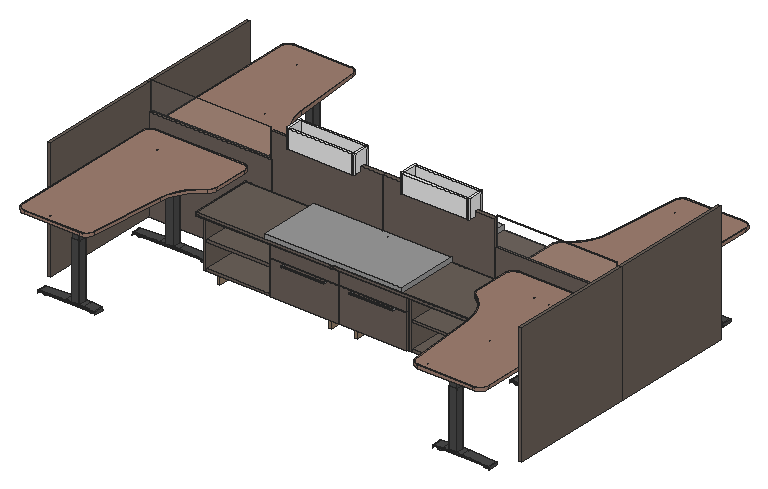
Revit family "OFS TYPICAL T200055", category Furniture, Revit 2022
Family settings
  OmniClass Number = 23.40.20.00
  OmniClass Title = General Furniture and Specialties
  Work Plane-Based = No
  Always vertical = Yes
  Cut with Voids When Loaded = No
  Render Appearance Source = Family Geometry
  Shared = No
  Room Calculation Point = No
Parameters (values of type "T200055")
  URL = "http://ofs.com/"
  Model = "T200055"
  Manufacturer = "OFS"
  Description = "OFS TYPICAL T200055"
  Default Elevation = 0' - 0"
  Copyright © = "©OFS 2024"
  Catalog = ""
  Authoring Version = "Autodesk Revit 2018"
  Assembly Code = "E2020200"
Reference planes (in)
  plane 1 "Center Front/Back": y = 0
  plane 2: z = 0
  plane 3 "Center Left/Right": x = 0
Dimensions and locks (in)
  aligned and locked: level to plane 2
Nested families (in)
  nested 1: "STAKS LOW OR BENCH HEIGHT CUSHIONS" at (-20.97711, -21.00035, 2.875), type "STAKS LOW OR BENCH HEIGHT CUSHION - DOUBLE 48"
  nested 2: "OFS STAKS HEIGHT ADJUSTABLE WING TOP Right" at (-66, -37, 0) x (0, 1, 0) z (0, 0, 1), type "HA Wing Top Right 70x36"
  nested 3: "STAKS BENCHING RECTANGULAR WORKSURFACES" at (-55.55498, 0.83365, -5.75), type "STAKS BENCHING RECTANGULAR WORKSURFACE 48 X 22"
  nested 4: "STAKS SPINE OR DIVIDER WALL 42in" at (-7.55498, 1.83365, 0.125), type "STAKS SPINE OR DIVIDER WALL 42in X 39in"
    with Height Above Floor 3' - 6"
  nested 5: "STAKS SPINE OR DIVIDER WALL 42in" at (-46.55498, 1.83365, 0.125), type "STAKS SPINE OR DIVIDER WALL 42in X 39in"
    with Height Above Floor 3' - 6"
  nested 6: "OFS STAKS Planters - 6-PB12 6-PB18 6-PB24" at (-20, -0.5, 0), type "Planter 24"
    with Finsih OFS Materials - Laminate - White Matte
  nested 7: "STAKS DOUBLE SIDED FROSTED GLASS PRIVACY PANEL" at (77, -3.24736, -13.125), type "STAKS DOUBLE SIDED FROSTED GLASS PRIVACY PANEL 42 x 10"
    with Width 3' - 6"
  nested 8: "STAKS LOW HEIGHT PEDESTAL WIDE - BOX-FILE - WITH RISER SUPPORT" at (-32.97711, -21.00035, 0), type "STAKS LOW HEIGHT PEDESTAL WIDE - BOX-FILE - WITH RISER SUPPORT 24in W x 19in D"
  nested 9: "STAKS LOW HEIGHT OPEN SHELF PEDESTAL - WITH RISER SUPPORT" at (-56.97711, -21.00035, 0), type "STAKS LOW HEIGHT OPEN SHELF PEDESTAL - WITH RISER SUPPORT 24 x 19"
  nested 10: "STAKS I-BEAM SUPPORTS" at (-44.97711, -22.50035, 0), type "STAKS I-BEAM SUPPORT 40"
  nested 11: "STAKS SPINE OR DIVIDER WALL 42in" at (80.16635, 7.05498, 0.125) x (0, -1, 0) z (0, 0, 1), type "STAKS SPINE OR DIVIDER WALL 42in X 43.5"
    with Height Above Floor 3' - 6", Width 3' - 7 1/2"
  nested 12: "STAKS DOUBLE SIDED FROSTED GLASS PRIVACY PANEL" at (-77, -3.24736, -13.125) x (-1, 0, 0) z (0, 0, 1), type "STAKS DOUBLE SIDED FROSTED GLASS PRIVACY PANEL 42 x 10"
    with Width 3' - 6"
  nested 13: "STAKS SPINE OR DIVIDER WALL 33in" at (89.55498, -2.83365, 0.125) x (-1, 0, 0) z (0, 0, 1), type "STAKS SPINE OR DIVIDER WALL 33in X 43"
    with Height Above Floor 2' - 9", Width 3' - 7"
  nested 14: "STAKS SPINE OR DIVIDER WALL 33in" at (-89.55498, -2.83365, 0.125), type "STAKS SPINE OR DIVIDER WALL 33in X 43"
    with Height Above Floor 2' - 9", Width 3' - 7"
  nested 15: "STAKS SPINE OR DIVIDER WALL 42in" at (-80.16635, 7.05498, 0.125) x (0, -1, 0) z (0, 0, 1), type "STAKS SPINE OR DIVIDER WALL 42in X 43.5"
    with Height Above Floor 3' - 6", Width 3' - 7 1/2"
  nested 16: "STAKS CORNER SHELF FOR WALL PANEL" at (-77.40381, -5.59619, -10.125) x (0.7071, 0.7071, 0) z (0, 0, 1), type "STAKS CORNER SHELF FOR WALL PANEL"
    with Height Above Floor 2' - 5"
  nested 17: "OFS STAKS HEIGHT ADJUSTABLE WING TOP Right" at (66, -37, 0) x (0, 1, 0) z (0, 0, 1), type "HA Wing Top Right 70x36"
  nested 18: "STAKS BENCHING RECTANGULAR WORKSURFACES" at (55.55498, 0.83365, -5.75) x (-1, 0, 0) z (0, 0, 1), type "STAKS BENCHING RECTANGULAR WORKSURFACE 48 X 22"
  nested 19: "OFS STAKS Planters - 6-PB12 6-PB18 6-PB24" at (20, -0.5, 0) x (-1, 0, 0) z (0, 0, 1), type "Planter 24"
    with Finsih OFS Materials - Laminate - White Matte
  nested 20: "STAKS LOW HEIGHT PEDESTAL WIDE - BOX-FILE - WITH RISER SUPPORT" at (32.97711, -21.00035, 0) x (-1, 0, 0) z (0, 0, 1), type "STAKS LOW HEIGHT PEDESTAL WIDE - BOX-FILE - WITH RISER SUPPORT 24in W x 19in D"
  nested 21: "STAKS LOW HEIGHT OPEN SHELF PEDESTAL - WITH RISER SUPPORT" at (56.97711, -21.00035, 0) x (-1, 0, 0) z (0, 0, 1), type "STAKS LOW HEIGHT OPEN SHELF PEDESTAL - WITH RISER SUPPORT 24 x 19"
  nested 22: "STAKS CORNER SHELF FOR WALL PANEL" at (77.40381, -5.59619, -10.125) x (-0.7071, 0.7071, 0) z (0, 0, 1), type "STAKS CORNER SHELF FOR WALL PANEL"
    with Height Above Floor 2' - 5"
  nested 23: "STAKS I-BEAM SUPPORTS" at (44.97711, -22.50035, 0) x (-1, 0, 0) z (0, 0, 1), type "STAKS I-BEAM SUPPORT 40"
  nested 24: "STAKS LOW OR BENCH HEIGHT CUSHIONS" at (-20.97711, 20.00035, 2.875), type "STAKS LOW OR BENCH HEIGHT CUSHION - DOUBLE 48"
  nested 25: "OFS STAKS HEIGHT ADJUSTABLE WING TOP Right" at (-66, 36, 0) x (0, -1, 0) z (0, 0, 1), type "HA Wing Top Right 70x36"
  nested 26: "STAKS BENCHING RECTANGULAR WORKSURFACES" at (-55.55498, -1.83365, -5.75), type "STAKS BENCHING RECTANGULAR WORKSURFACE 48 X 22"
  nested 27: "STAKS LOW HEIGHT PEDESTAL WIDE - BOX-FILE - WITH RISER SUPPORT" at (-32.97711, 20.00035, 0), type "STAKS LOW HEIGHT PEDESTAL WIDE - BOX-FILE - WITH RISER SUPPORT 24in W x 19in D"
  nested 28: "STAKS LOW HEIGHT OPEN SHELF PEDESTAL - WITH RISER SUPPORT" at (-56.97711, 20.00035, 0), type "STAKS LOW HEIGHT OPEN SHELF PEDESTAL - WITH RISER SUPPORT 24 x 19"
  nested 29: "STAKS I-BEAM SUPPORTS" at (-44.97711, 21.50035, 0), type "STAKS I-BEAM SUPPORT 40"
  nested 30: "STAKS SPINE OR DIVIDER WALL 42in" at (80.16635, -8.05498, 0.125) x (0, 1, 0) z (0, 0, 1), type "STAKS SPINE OR DIVIDER WALL 42in X 43.5"
    with Height Above Floor 3' - 6", Width 3' - 7 1/2"
  nested 31: "STAKS SPINE OR DIVIDER WALL 42in" at (-80.16635, -8.05498, 0.125) x (0, 1, 0) z (0, 0, 1), type "STAKS SPINE OR DIVIDER WALL 42in X 43.5"
    with Height Above Floor 3' - 6", Width 3' - 7 1/2"
  nested 32: "STAKS CORNER SHELF FOR WALL PANEL" at (-77.40381, 4.59619, -10.125) x (0.7071, -0.7071, 0) z (0, 0, 1), type "STAKS CORNER SHELF FOR WALL PANEL"
    with Height Above Floor 2' - 5"
  nested 33: "OFS STAKS HEIGHT ADJUSTABLE WING TOP Right" at (66, 36, 0) x (0, -1, 0) z (0, 0, 1), type "HA Wing Top Right 70x36"
  nested 34: "STAKS BENCHING RECTANGULAR WORKSURFACES" at (55.55498, -1.83365, -5.75) x (-1, 0, 0) z (0, 0, 1), type "STAKS BENCHING RECTANGULAR WORKSURFACE 48 X 22"
  nested 35: "STAKS LOW HEIGHT PEDESTAL WIDE - BOX-FILE - WITH RISER SUPPORT" at (32.97711, 20.00035, 0) x (-1, 0, 0) z (0, 0, 1), type "STAKS LOW HEIGHT PEDESTAL WIDE - BOX-FILE - WITH RISER SUPPORT 24in W x 19in D"
  nested 36: "STAKS LOW HEIGHT OPEN SHELF PEDESTAL - WITH RISER SUPPORT" at (56.97711, 20.00035, 0) x (-1, 0, 0) z (0, 0, 1), type "STAKS LOW HEIGHT OPEN SHELF PEDESTAL - WITH RISER SUPPORT 24 x 19"
  nested 37: "STAKS CORNER SHELF FOR WALL PANEL" at (77.40381, 4.59619, -10.125) x (-0.7071, -0.7071, 0) z (0, 0, 1), type "STAKS CORNER SHELF FOR WALL PANEL"
    with Height Above Floor 2' - 5"
  nested 38: "STAKS I-BEAM SUPPORTS" at (44.97711, 21.50035, 0) x (-1, 0, 0) z (0, 0, 1), type "STAKS I-BEAM SUPPORT 40"
Definition of nested family "STAKS LOW OR BENCH HEIGHT CUSHIONS"
  Parameters (values of type "STAKS LOW OR BENCH HEIGHT CUSHION - DOUBLE 48")
    URL = "http://www.ofs.com/"
    Default Elevation = 0' - 0"
    Cushion Thickness = 0' - 1 1/2"
    Cushion Material = none
    Model = "6-4822SC"
    Manufacturer = "OFS"
    Height = 1' - 8 1/4"
    Description = "OFS STAKS LOW OR BENCH HEIGHT CUSHION - DOUBLE 48"
    Width = 4' - 0"
    Depth = 1' - 9 7/8"
    Copyright © = "© 2018 OFS"
    Catalog = "https://ofs.com/products/casegoods/private-office/staks"
    Authoring Version = "Autodesk Revit Architecture 2013"
    Assembly Code = "E2020200"
  Types (7): name | Model | Description | Width
    STAKS LOW OR BENCH HEIGHT CUSHION - SINGLE 24 | "6-2422SC" | "OFS STAKS LOW OR BENCH HEIGHT CUSHION - SINGLE 24" | 2' - 0"
    STAKS LOW OR BENCH HEIGHT CUSHION - SINGLE 30 | "6-3022SC" | "OFS STAKS LOW OR BENCH HEIGHT CUSHION - SINGLE 30" | 2' - 6"
    STAKS LOW OR BENCH HEIGHT CUSHION - SINGLE 36 | "6-3622SC" | "OFS STAKS LOW OR BENCH HEIGHT CUSHION - SINGLE 36" | 3' - 0"
    STAKS LOW OR BENCH HEIGHT CUSHION - DOUBLE 60 | "6-6022SC" | "OFS STAKS LOW OR BENCH HEIGHT CUSHION - DOUBLE 60" | 5' - 0"
    STAKS LOW OR BENCH HEIGHT CUSHION - DOUBLE 48 | "6-4822SC" | "OFS STAKS LOW OR BENCH HEIGHT CUSHION - DOUBLE 48" | 4' - 0"
    STAKS LOW OR BENCH HEIGHT CUSHION - DOUBLE 72 | "6-7222SC" | "OFS STAKS LOW OR BENCH HEIGHT CUSHION - DOUBLE 72" | 6' - 0"
    STAKS LOW OR BENCH HEIGHT CUSHION - TRIPLE 90 | "6-9022SC" | "OFS STAKS LOW OR BENCH HEIGHT CUSHION - TRIPLE 90" | 7' - 6"
  Reference planes (in)
    plane 1: z = 0
    plane 2 "Right": x = 20.97711
    plane 3: x = -3.02289
    plane 4: y = -1.12465
    plane 5: y = -1.87465
    plane 6: y = 20.00035
    plane 7: x = 44.97711
    plane 8: y = -2.68715
    plane 9: y = -2.87465
    plane 10: y = 19.25035
    plane 11: z = 20.25
    plane 12: z = 21.75
  Forms (in)
    Extrusion 1, solid, material <- "Cushion Material"
      sketch origin (-25.91712, 0.87535, -18.36336) x (1, 0, 0) y (0, 0, 1)
        loop
          line (22.89423, 38.61336) -> (70.89423, 38.61336) -> (70.89423, 40.11336) -> (22.89423, 40.11336) -> (22.89423, 38.61336)
      from -19.125 to 2.75
  Dimensions and locks (in)
    locked: plane 5 to plane 4 at 0.75
    "Width": plane 3 to plane 7
    equal spacing: plane 3, plane 2 "Right", plane 7
    plane 9 to plane 8 to plane 5 = 0' - 0 3/16" locked, 0' - 0 13/16" locked
    locked: plane 10 to plane 6 at 0.75
    "Depth": plane 5 to plane 6
    "Cushion Thickness": plane 12 to plane 11
    "Height": plane 11 to level
    aligned and locked: level to plane 1
    aligned and locked: Extrusion 1 to plane 11
    aligned and locked: plane 12 to Extrusion 1
    aligned and locked: Extrusion 1 to plane 6
    aligned and locked: Extrusion 1 to plane 3
    aligned and locked: plane 7 to Extrusion 1
    aligned and locked: plane 5 to Extrusion 1
  Automatic sketch dimensions
    Extrusion 1 sketch curve to plane 3 = 0' - 0"
    Extrusion 1 sketch curve to plane 7 = 0' - 0"
    Extrusion 1 sketch curve to plane 11 = 0' - 0"
    Extrusion 1 sketch curve to plane 12 = 0' - 0"
Definition of nested family "OFS STAKS HEIGHT ADJUSTABLE WING TOP Right"
  Parameters (values of type "HA Wing Top Right 70x36")
    Worksurface Finish = none
    URL = "https://ofs.com/"
    Model = "6-7036HARWT"
    Manufacturer = "OFS"
    Height = 2' - 4 7/8"
    Glides Finish = none
    Edge Finish = none
    Description = "OFS STAKS HEIGHT ADJUSTABLE WING TOP 70\" Wide, 36\" Depth, Electronic height adjustable (27.5\"- 48\")"
    Default Elevation = 0' - 0"
    Copyright © = "©OFS 2021"
    Catalog = "https://ofs.com/products/casegoods/private-office/staks"
    Base Finish = none
    Authoring Version = "Autodesk Revit Architecture 2015"
    2 = Height - 0' 1"  # 2' - 3 7/8"
  Reference planes (in)
    plane 1 "Center Front/Back": y = 0
    plane 2: z = 0
    plane 3 "Center Left/Right": x = 0
    plane 4: z = 28.875
    plane 5: z = 27.875
  Forms (in)
    Extrusion 1, solid, material <- "Worksurface Finish"
      sketch origin (0, 0, 0) x (-1, 0, 0) y (0, -1, 0)
        loop
          arc (19.72879, -15.37514) -> (21.76173, -14.53308) -> (22.60379, -12.50014) r 2.875
          line (22.60379, -12.50014) -> (22.60379, 6.79174)
          arc (22.60379, 6.79174) -> (21.84847, 8.73407) -> (19.97937, 9.6558) r 2.875
          line (19.97937, 9.6558) -> (-5.76402, 11.90806)
          arc (-5.76402, 11.90806) -> (-12.60814, 14.11751) -> (-17.8099, 19.08393) r 16.11789
          arc (-17.8099, 19.08393) -> (-18.8469, 20.03164) -> (-20.20914, 20.37486) r 2.875
          line (-20.20914, 20.37486) -> (-32.27121, 20.37486)
          arc (-32.27121, 20.37486) -> (-34.30414, 19.53279) -> (-35.14621, 17.49986) r 2.875
          line (-35.14621, 17.49986) -> (-35.14621, -12.50014)
          arc (-35.14621, -12.50014) -> (-34.30414, -14.53308) -> (-32.27121, -15.37514) r 2.875
          line (-32.27121, -15.37514) -> (19.72879, -15.37514)
      from 27.875 to 28.875
    Sweep 2, solid, material <- "Edge Finish"
      path in 3D
        loop
          arc (5.76402, -11.90806, 28.875) -> (12.60814, -14.11751, 28.875) -> (17.8099, -19.08393, 28.875) r 16.11789
          arc (17.8099, -19.08393, 28.875) -> (18.8469, -20.03164, 28.875) -> (20.20914, -20.37486, 28.875) r 2.875
          line (20.20914, -20.37486, 28.875) -> (32.27121, -20.37486, 28.875)
          arc (32.27121, -20.37486, 28.875) -> (34.30414, -19.53279, 28.875) -> (35.14621, -17.49986, 28.875) r 2.875
          line (35.14621, -17.49986, 28.875) -> (35.14621, 12.50014, 28.875)
          arc (35.14621, 12.50014, 28.875) -> (34.30414, 14.53308, 28.875) -> (32.27121, 15.37514, 28.875) r 2.875
          line (32.27121, 15.37514, 28.875) -> (-19.72879, 15.37514, 28.875)
          arc (-19.72879, 15.37514, 28.875) -> (-21.76173, 14.53308, 28.875) -> (-22.60379, 12.50014, 28.875) r 2.875
          line (-22.60379, 12.50014, 28.875) -> (-22.60379, -6.79174, 28.875)
          arc (-22.60379, -6.79174, 28.875) -> (-21.84847, -8.73407, 28.875) -> (-19.97937, -9.6558, 28.875) r 2.875
          line (-19.97937, -9.6558, 28.875) -> (5.76402, -11.90806, 28.875)
      profile origin (-7.10767, -10.78193, 28.875) x (0.087156, 0.996195, 0) y (0, 0, 1)
        loop
          line (0, 0) -> (-0.125, 0) -> (-0.125, -1) -> (0, -1) -> (0, 0)
  Lines and regions (in)
    sketch lines
      curve 1: line (-19.97937, -9.6558, 28.875) -> (5.76402, -11.90806, 28.875)
      curve 2: arc (-19.97937, -9.6558, 28.875) -> (-21.84847, -8.73407, 28.875) -> (-22.60379, -6.79174, 28.875) r 2.875
      curve 3: line (-22.60379, 12.50014, 28.875) -> (-22.60379, -6.79174, 28.875)
      curve 4: arc (-22.60379, 12.50014, 28.875) -> (-21.76173, 14.53308, 28.875) -> (-19.72879, 15.37514, 28.875) r 2.875
      curve 5: line (32.27121, 15.37514, 28.875) -> (-19.72879, 15.37514, 28.875)
      curve 6: arc (32.27121, 15.37514, 28.875) -> (34.30414, 14.53308, 28.875) -> (35.14621, 12.50014, 28.875) r 2.875
      curve 7: line (35.14621, -17.49986, 28.875) -> (35.14621, 12.50014, 28.875)
      curve 8: arc (35.14621, -17.49986, 28.875) -> (34.30414, -19.53279, 28.875) -> (32.27121, -20.37486, 28.875) r 2.875
      curve 9: line (20.20914, -20.37486, 28.875) -> (32.27121, -20.37486, 28.875)
      curve 10: arc (20.20914, -20.37486, 28.875) -> (18.8469, -20.03164, 28.875) -> (17.8099, -19.08393, 28.875) r 2.875
      curve 11: arc (17.8099, -19.08393, 28.875) -> (12.60814, -14.11751, 28.875) -> (5.76402, -11.90806, 28.875) r 16.11789
  Dimensions and locks (in)
    "Height": plane 4 to level
    locked: plane 4 to plane 5 at 1
    aligned and locked: level to plane 2
    aligned and locked: plane 4 to Extrusion 1
    aligned and locked: Extrusion 1 to plane 5
  Automatic sketch dimensions
    Sweep 2 sketch curve to profile plane = 0' - 0"  (x2)
    Sweep 2 sketch curve to Sweep 2 sketch curve = 0' - 0 1/8"
    Sweep 2 sketch curve to profile plane = 0' - 1"
    Extrusion 1 sketch curve to Extrusion 1 sketch curve = 0' - 2 7/8"  (x2)
    Extrusion 1 sketch curve to Extrusion 1 sketch curve = 1' - 0.06207"
    Extrusion 1 sketch curve to plane 3 "Center Left/Right" = 0' - 5.76402"
    Extrusion 1 sketch curve to plane 3 "Center Left/Right" = 0' - 4.35926"
    plane 1 "Center Front/Back" to Extrusion 1 sketch curve = 1' - 0.50014"
    plane 3 "Center Left/Right" to Extrusion 1 sketch curve = 1' - 7.72879"
    Extrusion 1 sketch curve to plane 1 "Center Front/Back" = 0' - 6.79174"
    Extrusion 1 sketch curve to Extrusion 1 sketch curve = 0' - 0"  (x2)
    Extrusion 1 sketch curve to plane 1 "Center Front/Back" = 0' - 9.6558"
    Extrusion 1 sketch curve to Extrusion 1 sketch curve = 0' - 0.25057"
    Extrusion 1 sketch curve to plane 1 "Center Front/Back" = 0' - 11.90806"
    Extrusion 1 sketch curve to Extrusion 1 sketch curve = 0' - 5.5918"
    Extrusion 1 sketch curve to Extrusion 1 sketch curve = 1' - 4.05656"
    Extrusion 1 sketch curve to Extrusion 1 sketch curve = 1' - 2.44511"
  Nested families (in)
    nested 1: "OFS RANGE HEIGHT ADJUSTABLE FRAME KIT" at (0, 27, 0) x (-1, 0, 0) z (0, 0, 1), Height <- "2", Structure Material <- "Base Finish", Casters Material <- "Glides Finish", type "HEIGHT ADJUSTABLE FRAME KIT 72W x 30D"
      with Structure Material none, Height 2' - 3 7/8", Casters Material none
    nested 2: "OFS RANGE HEIGHT ADJUSTABLE FRAME KIT" at (12, 27, 0), Height <- "2", Structure Material <- "Base Finish", Casters Material <- "Glides Finish", type "HEIGHT ADJUSTABLE FRAME KIT 72W x 24D"
      with Structure Material none, Height 2' - 3 7/8", Casters Material none
  Definition of nested family "OFS RANGE HEIGHT ADJUSTABLE FRAME KIT"
    Parameters (values of type "HEIGHT ADJUSTABLE FRAME KIT 72W x 30D")
      LF = 1' - 1"
      Foot Offset = 0' - 1 1/2"
      Default Elevation = 0' - 0"
      Casters Material [instance] = none
      Width = 5' - 0"
      URL = "http://www.ofs.com/"
      Model = "HB-7230FSE"
      Manufacturer = "CAROLINA"
      Height [instance] = 2' - 3 7/8"
      Structure Material [instance] = none
      Description = "OFS CAROLINA RANGE HEIGHT ADJUSTABLE FRAME KIT, 72\" Frame Kit, Use with 30\"D Worksurface"
      Depth = 2' - 2"
      Copyright © = "©OFS 2019"
      Catalog = "https://ofs.com/products/open-plan/benching/range"
      Caster Wheels = no
      Caster Feet = yes
      Authoring Version = "Autodesk Revit Architecture 2015"
      Assembly Code = "E2020200"
    Types (2): name | LF | Model | Description | Depth
      HEIGHT ADJUSTABLE FRAME KIT 72W x 30D | 1' - 1" | "HB-7230FSE" | "OFS CAROLINA RANGE HEIGHT ADJUSTABLE FRAME KIT, 72\" Frame Kit, Use with 30\"D Worksurface" | 2' - 2"
      HEIGHT ADJUSTABLE FRAME KIT 72W x 24D | 0' - 7" | "HB-7224FSE" | "OFS CAROLINA RANGE HEIGHT ADJUSTABLE FRAME KIT, 72\" Frame Kit, Use with 24\"D Worksurface" | 1' - 8"
    Reference planes (in)
      plane 1: z = 0
      plane 2 "Center Left/Right": x = 0
      plane 3 "Front": y = -34.875
      plane 4 "Left": x = -30
      plane 5 "Right": x = 30
      plane 6: z = 27.875
      plane 7: z = 19.75
      plane 8: z = 17
      plane 9: z = 21.25
      plane 10: x = -28
      plane 11: x = 28
      plane 12: x = -25.25
      plane 13: x = 25.25
      plane 14: y = -28.37561
      plane 15: y = -25.62561
      plane 16: z = 0.375
      plane 17: x = -28.875
      plane 18: x = 28.875
      plane 19: y = -19.125
      plane 20: z = 26.75
      plane 21: y = -23.93811
      plane 22: y = -25.12561
      plane 23: y = -30.06311
      plane 24: y = -28.87561
      plane 25: x = -9
      plane 26: x = 9
      plane 27: z = 25.5
      plane 28: z = 26
      plane 29: z = 1.5
      plane 30: y = -27
      plane 31: y = -14
      plane 32: y = -40
      plane 33: y = -38
      plane 34: y = -16
      plane 35: x = -28.25
      plane 36: x = -25
      plane 37: x = 28.25
      plane 38: x = 25
      plane 39: x = -27.5
      plane 40: x = -27
      plane 41: x = -26.25
      plane 42: x = -25.75
      plane 43: x = 27.5
      plane 44: x = 27
      plane 45: x = 26.25
      plane 46: x = 25.75
    Forms (in)
      Extrusion 1, solid, material <- "Structure Material"
        sketch origin (0, 0, 0) x (1, 0, 0) y (0, 1, 0)
          loop
            arc (-25.375, -28.37561) -> (-25.28661, -28.339) -> (-25.25, -28.25061) r 0.125
            line (-25.25, -28.25061) -> (-25.25, -25.75061)
            arc (-25.25, -25.75061) -> (-25.28661, -25.66222) -> (-25.375, -25.62561) r 0.125
            line (-25.375, -25.62561) -> (-27.875, -25.62561)
            arc (-27.875, -25.62561) -> (-27.96339, -25.66222) -> (-28, -25.75061) r 0.125
            line (-28, -25.75061) -> (-28, -28.25061)
            arc (-28, -28.25061) -> (-27.96339, -28.339) -> (-27.875, -28.37561) r 0.125
            line (-27.875, -28.37561) -> (-25.375, -28.37561)
        from 1.5 to 21.25
      Extrusion 2, solid, material <- "Structure Material"
        sketch origin (0, 10.875, 0) x (1, 0, 0) y (0, 0, 1)
          loop
            arc (-29.875, 27.875) -> (-29.96339, 27.83839) -> (-30, 27.75) r 0.125
            line (-30, 27.75) -> (-30, 26.875)
            arc (-30, 26.875) -> (-29.96339, 26.78661) -> (-29.875, 26.75) r 0.125
            line (-29.875, 26.75) -> (-29, 26.75)
            arc (-29, 26.75) -> (-28.91161, 26.78661) -> (-28.875, 26.875) r 0.125
            line (-28.875, 26.875) -> (-28.875, 27.75)
            arc (-28.875, 27.75) -> (-28.91161, 27.83839) -> (-29, 27.875) r 0.125
            line (-29, 27.875) -> (-29.875, 27.875)
        from 30 to 45.75
      Extrusion 3, solid, material <- "Structure Material"
        sketch origin (0, 0, 0) x (0, 1, 0) y (0, 0, 1)
          loop
            line (-24.06311, 27.875) -> (-25.00061, 27.875)
            arc (-25.00061, 27.875) -> (-25.089, 27.83839) -> (-25.12561, 27.75) r 0.125
            line (-25.12561, 27.75) -> (-25.12561, 26.875)
            arc (-25.12561, 26.875) -> (-25.089, 26.78661) -> (-25.00061, 26.75) r 0.125
            line (-25.00061, 26.75) -> (-24.06311, 26.75)
            arc (-24.06311, 26.75) -> (-23.97472, 26.78661) -> (-23.93811, 26.875) r 0.125
            line (-23.93811, 26.875) -> (-23.93811, 27.75)
            arc (-23.93811, 27.75) -> (-23.97472, 27.83839) -> (-24.06311, 27.875) r 0.125
          loop
            arc (-29.93811, 27.875) -> (-30.0265, 27.83839) -> (-30.06311, 27.75) r 0.125
            line (-30.06311, 27.75) -> (-30.06311, 26.875)
            arc (-30.06311, 26.875) -> (-30.0265, 26.78661) -> (-29.93811, 26.75) r 0.125
            line (-29.93811, 26.75) -> (-29.00061, 26.75)
            arc (-29.00061, 26.75) -> (-28.91222, 26.78661) -> (-28.87561, 26.875) r 0.125
            line (-28.87561, 26.875) -> (-28.87561, 27.75)
            arc (-28.87561, 27.75) -> (-28.91222, 27.83839) -> (-29.00061, 27.875) r 0.125
            line (-29.00061, 27.875) -> (-29.93811, 27.875)
        from -28.875 to -9
      Extrusion 4, solid, material <- "Structure Material"
        sketch origin (0, 0, 0) x (0, 1, 0) y (0, 0, 1)
          loop
            line (-24.06311, 27.75) -> (-25.00061, 27.75) -> (-25.00061, 26.875) -> (-24.06311, 26.875) -> (-24.06311, 27.75)
          loop
            line (-29.00061, 27.75) -> (-29.93811, 27.75) -> (-29.93811, 26.875) -> (-29.00061, 26.875) -> (-29.00061, 27.75)
        from -9 to 0
      Extrusion 5, solid, material <- "Structure Material"
        sketch origin (0, 0, 0) x (1, 0, 0) y (0, 1, 0)
          loop
            line (-28.5, -28.62561) -> (-24.75, -28.62561) -> (-24.75, -25.37561) -> (-28.5, -25.37561) -> (-28.5, -28.62561)
        from 25.5 to 26
      Extrusion 6, solid, material <- "Structure Material"
        sketch origin (0, 0, 0) x (1, 0, 0) y (0, 1, 0)
          loop
            line (-27.75, -28.25061) -> (-25.5, -28.25061)
            arc (-25.5, -28.25061) -> (-25.41161, -28.214) -> (-25.375, -28.12561) r 0.125
            line (-25.375, -28.12561) -> (-25.375, -25.87561)
            arc (-25.375, -25.87561) -> (-25.41161, -25.78722) -> (-25.5, -25.75061) r 0.125
            line (-25.5, -25.75061) -> (-27.75, -25.75061)
            arc (-27.75, -25.75061) -> (-27.83839, -25.78722) -> (-27.875, -25.87561) r 0.125
            line (-27.875, -25.87561) -> (-27.875, -28.12561)
            arc (-27.875, -28.12561) -> (-27.83839, -28.214) -> (-27.75, -28.25061) r 0.125
        from 21.25 to 25.5
      Blend 7, solid, material <- "Structure Material"
        base sketch origin (0, 0, 0) x (1, 0, 0) y (0, 1, 0)
          loop
            arc (-20.71653, -28.87561) -> (-20.15432, -27.00061) -> (-20.71653, -25.12561) r 3.40773
            line (-20.71653, -25.12561) -> (-28.875, -25.12561) -> (-28.875, -28.87561) -> (-20.71653, -28.87561)
        top sketch origin (0, 0, 0) x (1, 0, 0) y (0, 1, 0)
          loop
            line (-20.71653, -28.87561) -> (-20.71653, -25.12561) -> (-28.875, -25.12561) -> (-28.875, -28.87561) -> (-20.71653, -28.87561)
        from 27.875 to 26
      Revolve 8, solid, material <- "Casters Material", visible <- "Caster Feet"
        sketch origin (0, -38, 0) x (1, 0, 0) y (0, 0, -1)
          loop
            line (-27.63403, -0.03937) -> (-27.63403, -0.19569) -> (-27.45473, -0.375) -> (-26.625, -0.375) -> (-26.625, -0.03937) -> (-27.63403, -0.03937)
          axis (-26.625, -0.375) -> (-26.625, -0.03937)
        angle from 0 to 360
      Revolve 9, solid, material <- "Casters Material", visible <- "Caster Feet"
        sketch origin (0, -16, 0) x (1, 0, 0) y (0, 0, -1)
          loop
            line (-27.63403, -0.03937) -> (-27.63403, -0.19569) -> (-27.45473, -0.375) -> (-26.625, -0.375) -> (-26.625, -0.03937) -> (-27.63403, -0.03937)
          axis (-26.625, -0.375) -> (-26.625, -0.03937)
        angle from 0 to 360
      Extrusion 10, solid, material <- "Structure Material"
        sketch origin (0, 0, 0) x (0, 1, 0) y (0, 0, 1)
          loop
            arc (-14.0836, 0.96191) -> (-14.14063, 1.07679) -> (-14.25816, 1.12814) r 0.1875
            line (-14.25816, 1.12814) -> (-23.66872, 1.5) -> (-30.26719, 1.5) -> (-39.7031, 1.1374)
            arc (-39.7031, 1.1374) -> (-39.82194, 1.08917) -> (-39.88198, 0.97583) r 0.1875
            line (-39.88198, 0.97583) -> (-39.98518, 0.23299) -> (-39.8487, 0.21403) -> (-39.73934, 1.00117) -> (-30.34615, 1.3622) -> (-23.67305, 1.3622) -> (-14.22518, 0.988) -> (-14.13694, 0.20125) -> (-14, 0.21661) -> (-14.0836, 0.96191)
        from -28.25 to -25
      Extrusion 11, void
        sketch origin (0, 0, 0) x (0, 1, 0) y (0, 0, 1)
          loop
            line (-14.13866, 0.21661) -> (-13.82098, 0.21661) -> (-13.82098, 2.21661) -> (-40.82098, 2.21661) -> (-40.82098, 0.21661) -> (-39.84834, 0.21661) -> (-39.73934, 1.00117) -> (-30.34615, 1.3622) -> (-23.67305, 1.3622) -> (-14.22518, 0.988) -> (-14.13866, 0.21661)
        from -28.25 to -25
      Extrusion 12, solid, material <- "Structure Material"
        sketch origin (0, 10.875, 0) x (1, 0, 0) y (0, 0, 1)
          loop
            line (-28, 1.5) -> (-27.76676, 0.56452)
            arc (-27.76676, 0.56452) -> (-27.6781, 0.428) -> (-27.52418, 0.375) r 0.25
            line (-27.52418, 0.375) -> (-25.72582, 0.375)
            arc (-25.72582, 0.375) -> (-25.5719, 0.428) -> (-25.48324, 0.56452) r 0.25
            line (-25.48324, 0.56452) -> (-25.25, 1.5) -> (-28, 1.5)
        from 24.875 to 50.875
      Extrusion 13, solid, material <- "Casters Material", visible <- "Caster Wheels", not visible
        sketch origin (-27.5, 7.14774, 0) x (0, 1, 0) y (0, 0, 1)
          loop
            circle (-48.66372, 0.97) r 0.97
        from 0 to 0.5
      Extrusion 14, solid, material <- "Casters Material", visible <- "Caster Wheels", not visible
        sketch origin (-27.5, 7.14774, 0) x (0, 1, 0) y (0, 0, 1)
          loop
            line (-46.92293, 0.6986) -> (-47.23636, 1.04166) -> (-47.55773, 1.17275)
            arc (-47.55773, 1.17275) -> (-47.54546, 1.08752) -> (-47.53975, 1.00161) r 1.12442
            line (-47.53975, 1.00161) -> (-47.49411, 0.98263) -> (-47.51747, 0.9041)
            arc (-47.51747, 0.9041) -> (-47.51453, 0.86988) -> (-47.48904, 0.84686) r 0.04688
            line (-47.48904, 0.84686) -> (-46.95776, 0.64714)
            arc (-46.95776, 0.64714) -> (-46.92006, 0.65914) -> (-46.92293, 0.6986) r 0.03195
        from 0.5 to 1.25
      Extrusion 15, solid, material <- "Casters Material", visible <- "Caster Wheels", not visible
        sketch origin (-25.75, 7.14774, 0) x (0, 1, 0) y (0, 0, -1)
          loop
            line (-47.58433, -0.655) -> (-47.64637, -0.655)
            arc (-47.64637, -0.655) -> (-48.66372, -2.035) -> (-49.68107, -0.655) r 1.065
            line (-49.68107, -0.655) -> (-49.74311, -0.655)
            arc (-49.74311, -0.655) -> (-48.66372, -2.09442) -> (-47.58433, -0.655) r 1.12442
        from 0 to 1.75
      Extrusion 16, solid, material <- "Casters Material", visible <- "Caster Wheels", not visible
        sketch origin (-31.66599, -21.32731, 0) x (1, 0, 0) y (0, 1, 0)
          loop
            circle (5.04099, -20.81491) r 0.3125
        from 0.97 to 2.94056
      Extrusion 17, solid, material <- "Casters Material", visible <- "Caster Wheels", not visible
        sketch origin (-25.75, 7.14774, 0) x (0, 1, 0) y (0, 0, -1)
          loop
            circle (-48.66372, -0.97) r 0.97
        from 0 to 0.5
      Extrusion 18, solid, material <- "Casters Material", visible <- "Caster Wheels"
        sketch origin (-27.5625, 11.28997, 0) x (0, 1, 0) y (0, 0, 1)
          loop
            circle (-48.66372, 0.97) r 0.97
        from 0 to 0.5
      Extrusion 19, solid, material <- "Casters Material", visible <- "Caster Wheels"
        sketch origin (-27.5625, 11.28997, 0) x (0, 1, 0) y (0, 0, 1)
          loop
            line (-46.92293, 0.6986) -> (-47.23636, 1.04166) -> (-47.55773, 1.17275)
            arc (-47.55773, 1.17275) -> (-47.54546, 1.08752) -> (-47.53975, 1.00161) r 1.12442
            line (-47.53975, 1.00161) -> (-47.49411, 0.98263) -> (-47.51747, 0.9041)
            arc (-47.51747, 0.9041) -> (-47.51453, 0.86988) -> (-47.48904, 0.84686) r 0.04688
            line (-47.48904, 0.84686) -> (-46.95776, 0.64714)
            arc (-46.95776, 0.64714) -> (-46.92006, 0.65914) -> (-46.92293, 0.6986) r 0.03195
        from 0.5 to 1.25
      Extrusion 20, solid, material <- "Casters Material", visible <- "Caster Wheels"
        sketch origin (-25.8125, 11.28997, 0) x (0, 1, 0) y (0, 0, -1)
          loop
            line (-47.58433, -0.655) -> (-47.64637, -0.655)
            arc (-47.64637, -0.655) -> (-48.66372, -2.035) -> (-49.68107, -0.655) r 1.065
            line (-49.68107, -0.655) -> (-49.74311, -0.655)
            arc (-49.74311, -0.655) -> (-48.66372, -2.09442) -> (-47.58433, -0.655) r 1.12442
        from 0 to 1.75
      Extrusion 21, solid, material <- "Casters Material", visible <- "Caster Wheels"
        sketch origin (-31.72849, -17.18509, 0) x (1, 0, 0) y (0, 1, 0)
          loop
            circle (5.04099, -20.81491) r 0.3125
        from 0.97 to 2.94056
      Extrusion 22, solid, material <- "Casters Material", visible <- "Caster Wheels"
        sketch origin (-25.8125, 11.28997, 0) x (0, 1, 0) y (0, 0, -1)
          loop
            circle (-48.66372, -0.97) r 0.97
        from 0 to 0.5
      Extrusion 23, solid, material <- "Casters Material", visible <- "Caster Wheels"
        sketch origin (-25.8125, -32.03997, 0) x (0, -1, 0) y (0, 0, 1)
          loop
            circle (-16.66622, 0.97) r 0.97
        from 0 to 0.5
      Extrusion 24, solid, material <- "Casters Material", visible <- "Caster Wheels"
        sketch origin (-25.8125, -32.03997, 0) x (0, -1, 0) y (0, 0, 1)
          loop
            arc (-18.40701, 0.6986) -> (-18.40988, 0.65914) -> (-18.37218, 0.64714) r 0.03195
            line (-18.37218, 0.64714) -> (-17.8409, 0.84686)
            arc (-17.8409, 0.84686) -> (-17.81541, 0.86988) -> (-17.81247, 0.9041) r 0.04688
            line (-17.81247, 0.9041) -> (-17.83583, 0.98263) -> (-17.79019, 1.00161)
            arc (-17.79019, 1.00161) -> (-17.78448, 1.08752) -> (-17.77221, 1.17275) r 1.12442
            line (-17.77221, 1.17275) -> (-18.09358, 1.04166) -> (-18.40701, 0.6986)
        from 0.5 to 1.25
      Extrusion 25, solid, material <- "Casters Material", visible <- "Caster Wheels"
        sketch origin (-27.5625, -32.03997, 0) x (0, -1, 0) y (0, 0, -1)
          loop
            arc (-17.74561, -0.655) -> (-16.66622, -2.09442) -> (-15.58683, -0.655) r 1.12442
            line (-15.58683, -0.655) -> (-15.64887, -0.655)
            arc (-15.64887, -0.655) -> (-16.66622, -2.035) -> (-17.68357, -0.655) r 1.065
            line (-17.68357, -0.655) -> (-17.74561, -0.655)
        from 0 to 1.75
      Extrusion 26, solid, material <- "Casters Material", visible <- "Caster Wheels"
        sketch origin (-21.64651, -3.56491, 0) x (-1, 0, 0) y (0, -1, 0)
          loop
            circle (5.04099, 12.43509) r 0.3125
        from 0.97 to 2.94056
      Extrusion 27, solid, material <- "Casters Material", visible <- "Caster Wheels"
        sketch origin (-27.5625, -32.03997, 0) x (0, -1, 0) y (0, 0, -1)
          loop
            circle (-16.66622, -0.97) r 0.97
        from 0 to 0.5
    Cuts and joins
      Extrusion 11 cuts Extrusion 12
    Dimensions and locks (in)
      equal spacing: plane 4 "Left", plane 2 "Center Left/Right", plane 5 "Right"
      "Width": plane 4 "Left" to plane 5 "Right"
      "Height": plane 6 to level
      plane 9 to plane 7 to plane 8 to level = 0' - 1 1/2" locked, 0' - 2 3/4" locked, 1' - 5" locked
      plane 4 "Left" to plane 10 to plane 12 = 0' - 2" locked, 0' - 2 3/4" locked
      plane 13 to plane 11 to plane 5 "Right" = 0' - 2 3/4" locked, 0' - 2" locked
      locked: plane 4 "Left" to plane 17 at 1.125
      locked: plane 5 "Right" to plane 18 at 1.125
      locked: plane 6 to plane 20 at 1.125
      plane 30 to plane 15 to plane 22 to plane 21 = 0' - 1.37439" locked, 0' - 0 1/2" locked, 0' - 1 3/16" locked
      plane 30 to plane 14 to plane 24 to plane 23 = 0' - 1.37561" locked, 0' - 0 1/2" locked, 0' - 1 3/16" locked
      locked: plane 4 "Left" to plane 25 at 21
      locked: plane 5 "Right" to plane 26 at 21
      plane 6 to plane 28 to plane 27 = 0' - 1 7/8" locked, 0' - 0 1/2" locked
      Blend 7 sketch curve to Blend 7 sketch curve = 0' - 8.72068"
      "Foot Offset": plane 29 to level
      equal spacing: plane 19, plane 30, plane 3 "Front"
      locked: plane 3 "Front" to plane 19 at 15.75
      "LF": plane 30 to plane 32
      "Depth": plane 31 to plane 32
      locked: plane 31 to plane 34 at 2
      locked: plane 33 to plane 32 at 2
      locked: plane 29 to plane 16 at 1.125
      locked: plane 12 to plane 36 at 0.25
      locked: plane 35 to plane 10 at 0.25
      locked: plane 13 to plane 38 at 0.25
      locked: plane 37 to plane 11 at 0.25
      plane 4 "Left" to plane 39 to plane 40 to plane 41 to plane 42 = 0' - 2 1/2" locked, 0' - 0 1/2" locked, 0' - 0 3/4" locked, 0' - 0 1/2" locked
      plane 5 "Right" to plane 43 to plane 44 to plane 45 to plane 46 = 0' - 2 1/2" locked, 0' - 0 1/2" locked, 0' - 0 3/4" locked, 0' - 0 1/2" locked
      aligned and locked: level to plane 1
      aligned and locked: Extrusion 1 sketch curve to plane 14
      aligned and locked: Extrusion 1 sketch curve to plane 12
      aligned and locked: plane 15 to Extrusion 1 sketch curve
      aligned and locked: plane 10 to Extrusion 1 sketch curve
      aligned and locked: Extrusion 2 sketch curve to plane 6
      aligned and locked: plane 4 "Left" to Extrusion 2 sketch curve
      aligned and locked: Extrusion 2 sketch curve to plane 17
      aligned and locked: plane 3 "Front" to Extrusion 2
      aligned and locked: Extrusion 2 to plane 19
      aligned and locked: plane 6 to Extrusion 3 sketch curve
      aligned and locked: Extrusion 3 sketch curve to plane 21
      aligned and locked: Extrusion 3 sketch curve to plane 20
      aligned and locked: plane 22 to Extrusion 3 sketch curve
      aligned and locked: Extrusion 3 sketch curve to plane 6
      aligned and locked: plane 23 to Extrusion 3 sketch curve
      aligned and locked: plane 20 to Extrusion 3 sketch curve
      aligned and locked: Extrusion 3 sketch curve to plane 24
      aligned and locked: Extrusion 3 to plane 17
      aligned and locked: plane 25 to Extrusion 3
      aligned and locked: Extrusion 4 to plane 25
      aligned and locked: plane 9 to Extrusion 1
      aligned and locked: plane 27 to Extrusion 5
      aligned and locked: plane 28 to Extrusion 5
      aligned and locked: Extrusion 6 to plane 9
      aligned and locked: plane 27 to Extrusion 6
      aligned and locked: plane 24 to Blend 7 sketch curve  (x2)
      aligned and locked: Blend 7 sketch curve to plane 22  (x2)
      aligned and locked: plane 17 to Blend 7 sketch curve
      aligned and locked: Blend 7 sketch curve to plane 17
      aligned and locked: Blend 7 to plane 28
      aligned and locked: plane 6 to Blend 7
      aligned and locked: Extrusion 1 to plane 29
      aligned and locked: plane 33 to Revolve 8
      aligned and locked: plane 34 to Revolve 9
      aligned and locked: Extrusion 10 to plane 35
      aligned and locked: plane 36 to Extrusion 10
      aligned and locked: Extrusion 11 to plane 35
      aligned and locked: plane 36 to Extrusion 11
      aligned and locked: Extrusion 12 sketch curve to plane 16
      aligned and locked: plane 31 to Extrusion 12
      aligned and locked: Extrusion 12 to plane 32
      aligned and locked: plane 33 to Extrusion 21
      aligned and locked: plane 40 to Extrusion 21
      aligned and locked: plane 34 to Extrusion 26
      aligned and locked: plane 40 to Extrusion 26
      aligned and locked: plane 2 "Center Left/Right" to Extrusion 4
    Automatic sketch dimensions
      plane 10 to Extrusion 1 sketch curve = 0' - 0 1/8"  (x2)
      Extrusion 1 sketch curve to Extrusion 1 sketch curve = 0' - 0 1/8"  (x2)
      plane 23 to Extrusion 3 sketch curve = 0' - 0 1/8"
      Extrusion 3 sketch curve to Extrusion 3 sketch curve = 0' - 0 1/8"  (x3)
      Extrusion 3 sketch curve to plane 24 = 0' - 0 1/8"
      plane 20 to Extrusion 3 sketch curve = 0' - 0 1/8"
      Extrusion 3 sketch curve to plane 22 = 0' - 0 1/8"
      plane 21 to Extrusion 3 sketch curve = 0' - 0 1/8"
      plane 10 to Extrusion 6 sketch curve = 0' - 0 1/8"
      Extrusion 6 sketch curve to Extrusion 6 sketch curve = 0' - 0 1/8"  (x2)
      plane 15 to Extrusion 6 sketch curve = 0' - 0 1/8"
      Extrusion 6 sketch curve to plane 12 = 0' - 0 1/4"  (x2)
      Extrusion 6 sketch curve to plane 12 = 0' - 0 1/8"
      Extrusion 6 sketch curve to plane 14 = 0' - 0 1/8"
      Revolve 8 sketch curve to plane 16 = 0' - 0"
      level to Revolve 8 sketch curve = 0' - 0.03937"
      Revolve 8 sketch curve to plane 39 = 0' - 0.13403"
      plane 39 to Revolve 8 sketch curve = 0' - 0.04527"
      plane 40 to Revolve 8 sketch curve = 0' - 0 3/8"
      Revolve 8 sketch curve to Revolve 8 sketch curve = 0' - 0.15632"
      Revolve 8 sketch curve to Revolve 8 sketch curve = 0' - 0"  (x2)
      Revolve 8 sketch curve to level = 0' - 1.46063"
      Revolve 9 sketch curve to plane 16 = 0' - 0"
      level to Revolve 9 sketch curve = 0' - 0.03937"
      Revolve 9 sketch curve to plane 39 = 0' - 0.13403"
      plane 39 to Revolve 9 sketch curve = 0' - 0.04527"
      plane 40 to Revolve 9 sketch curve = 0' - 0 3/8"
      Revolve 9 sketch curve to Revolve 9 sketch curve = 0' - 0.15632"
      Revolve 9 sketch curve to Revolve 9 sketch curve = 0' - 0"  (x2)
      Revolve 9 sketch curve to level = 0' - 1.46063"
      Extrusion 14 sketch curve to Extrusion 14 sketch curve = 0' - 1.10599"
      Extrusion 14 sketch curve to Extrusion 14 sketch curve = 0' - 0.01799"
      Extrusion 14 sketch curve to Extrusion 14 sketch curve = 0' - 0.02227"
      Extrusion 14 sketch curve to Extrusion 14 sketch curve = 0' - 0.04564"
      Extrusion 14 sketch curve to Extrusion 14 sketch curve = 0' - 0.02843"
      Extrusion 14 sketch curve to Extrusion 14 sketch curve = 0' - 0.04493"
      Extrusion 14 sketch curve to Extrusion 14 sketch curve = 0' - 0.25775"
      Extrusion 14 sketch curve to Extrusion 14 sketch curve = 0' - 0.27859"
      Extrusion 14 sketch curve to Extrusion 14 sketch curve = 0' - 0.01124"
      Extrusion 14 sketch curve to Extrusion 14 sketch curve = 0' - 0.02359"
      Extrusion 14 sketch curve to Extrusion 14 sketch curve = 0' - 0.04388"
      Extrusion 14 sketch curve to Extrusion 14 sketch curve = 0' - 0.01898"
      Extrusion 14 sketch curve to Extrusion 14 sketch curve = 0' - 0.05903"
      Extrusion 15 sketch curve to Extrusion 15 sketch curve = 0' - 0"  (x4)
      Extrusion 15 sketch curve to Extrusion 15 sketch curve = 0' - 0.06204"
      Extrusion 14 sketch curve to Extrusion 14 sketch curve = 0' - 0.02991"
      Extrusion 14 sketch curve to Extrusion 14 sketch curve = 0' - 0.19972"
      Extrusion 14 sketch curve to Extrusion 14 sketch curve = 0' - 0.0659"
      Extrusion 14 sketch curve to Extrusion 14 sketch curve = 0' - 0.07852"
      Extrusion 15 sketch curve to Extrusion 15 sketch curve = 0' - 1.01735"  (x2)
      Extrusion 15 sketch curve to Extrusion 15 sketch curve = 0' - 0.315"
      Extrusion 19 sketch curve to Extrusion 19 sketch curve = 0' - 1.10599"
      Extrusion 19 sketch curve to Extrusion 19 sketch curve = 0' - 0.01799"
      Extrusion 19 sketch curve to Extrusion 19 sketch curve = 0' - 0.02227"
      Extrusion 19 sketch curve to Extrusion 19 sketch curve = 0' - 0.04564"
      Extrusion 19 sketch curve to Extrusion 19 sketch curve = 0' - 0.02843"
      Extrusion 19 sketch curve to Extrusion 19 sketch curve = 0' - 0.04493"
      Extrusion 19 sketch curve to Extrusion 19 sketch curve = 0' - 0.25775"
      Extrusion 19 sketch curve to Extrusion 19 sketch curve = 0' - 0.27859"
      Extrusion 19 sketch curve to Extrusion 19 sketch curve = 0' - 0.01124"
      Extrusion 19 sketch curve to Extrusion 19 sketch curve = 0' - 0.02359"
      Extrusion 19 sketch curve to Extrusion 19 sketch curve = 0' - 0.04388"
      Extrusion 19 sketch curve to Extrusion 19 sketch curve = 0' - 0.01898"
      Extrusion 19 sketch curve to Extrusion 19 sketch curve = 0' - 0.05903"
      Extrusion 20 sketch curve to Extrusion 20 sketch curve = 0' - 0"  (x4)
      Extrusion 20 sketch curve to Extrusion 20 sketch curve = 0' - 0.06204"
      Extrusion 19 sketch curve to Extrusion 19 sketch curve = 0' - 0.02991"
      Extrusion 19 sketch curve to Extrusion 19 sketch curve = 0' - 0.19972"
      Extrusion 19 sketch curve to Extrusion 19 sketch curve = 0' - 0.0659"
      Extrusion 19 sketch curve to Extrusion 19 sketch curve = 0' - 0.07852"
      Extrusion 20 sketch curve to Extrusion 20 sketch curve = 0' - 1.01735"  (x2)
      Extrusion 20 sketch curve to Extrusion 20 sketch curve = 0' - 0.315"
      Extrusion 24 sketch curve to Extrusion 24 sketch curve = 0' - 1.10599"
      Extrusion 24 sketch curve to Extrusion 24 sketch curve = 0' - 0.01799"
      Extrusion 24 sketch curve to Extrusion 24 sketch curve = 0' - 0.02227"
      Extrusion 24 sketch curve to Extrusion 24 sketch curve = 0' - 0.04564"
      Extrusion 24 sketch curve to Extrusion 24 sketch curve = 0' - 0.02843"
      Extrusion 24 sketch curve to Extrusion 24 sketch curve = 0' - 0.04493"
      Extrusion 24 sketch curve to Extrusion 24 sketch curve = 0' - 0.25775"
      Extrusion 24 sketch curve to Extrusion 24 sketch curve = 0' - 0.27859"
      Extrusion 24 sketch curve to Extrusion 24 sketch curve = 0' - 0.01124"
      Extrusion 24 sketch curve to Extrusion 24 sketch curve = 0' - 0.02359"
      Extrusion 24 sketch curve to Extrusion 24 sketch curve = 0' - 0.04388"
      Extrusion 24 sketch curve to Extrusion 24 sketch curve = 0' - 0.01898"
      Extrusion 24 sketch curve to Extrusion 24 sketch curve = 0' - 0.05903"
      Extrusion 25 sketch curve to Extrusion 25 sketch curve = 0' - 0"  (x4)
      Extrusion 25 sketch curve to Extrusion 25 sketch curve = 0' - 0.06204"
      Extrusion 24 sketch curve to Extrusion 24 sketch curve = 0' - 0.02991"
      Extrusion 24 sketch curve to Extrusion 24 sketch curve = 0' - 0.19972"
      Extrusion 24 sketch curve to Extrusion 24 sketch curve = 0' - 0.0659"
      Extrusion 24 sketch curve to Extrusion 24 sketch curve = 0' - 0.07852"
      Extrusion 25 sketch curve to Extrusion 25 sketch curve = 0' - 1.01735"  (x2)
      Extrusion 25 sketch curve to Extrusion 25 sketch curve = 0' - 0.315"
      Extrusion 2 sketch curve to plane 20 = 0' - 0"
      plane 4 "Left" to Extrusion 2 sketch curve = 0' - 0 1/8"  (x2)
      Extrusion 2 sketch curve to plane 17 = 0' - 0 1/8"
      Extrusion 2 sketch curve to Extrusion 2 sketch curve = 0' - 0 1/8"
      plane 23 to Extrusion 4 sketch curve = 0' - 0 1/8"
      Extrusion 4 sketch curve to plane 24 = 0' - 0 1/8"
      Extrusion 4 sketch curve to plane 22 = 0' - 0 1/8"
      plane 21 to Extrusion 4 sketch curve = 0' - 0 1/8"
      plane 20 to Extrusion 4 sketch curve = 0' - 0 1/8"  (x2)
      Extrusion 4 sketch curve to plane 6 = 0' - 0 1/8"  (x2)
      Extrusion 5 sketch curve to plane 35 = 0' - 0 1/4"
      plane 36 to Extrusion 5 sketch curve = 0' - 0 1/4"
      plane 14 to Extrusion 5 sketch curve = 0' - 0 1/4"
      Extrusion 5 sketch curve to plane 15 = 0' - 0 1/4"
      Blend 7 sketch curve to plane 30 = 0' - 0.00061"
      plane 36 to Blend 7 sketch curve = 0' - 1.43794"
      plane 36 to Blend 7 sketch curve = 0' - 4.28347"
      Extrusion 10 sketch curve to plane 29 = 0' - 0"
      Extrusion 10 sketch curve to plane 31 = 0' - 0"
      Extrusion 10 sketch curve to plane 31 = 0' - 0.0836"
      Extrusion 10 sketch curve to plane 31 = 0' - 0.13694"
      Extrusion 10 sketch curve to Extrusion 10 sketch curve = 0' - 0.14159"
      Extrusion 10 sketch curve to Extrusion 10 sketch curve = 0' - 0.03297"
      Extrusion 10 sketch curve to Extrusion 10 sketch curve = 0' - 0.04475"
      Extrusion 10 sketch curve to plane 21 = 0' - 0.26938"
      Extrusion 10 sketch curve to Extrusion 10 sketch curve = 0' - 0.00433"
      Extrusion 10 sketch curve to plane 23 = 0' - 0.20408"
      Extrusion 10 sketch curve to plane 29 = 0' - 0.1378"
      Extrusion 10 sketch curve to Extrusion 10 sketch curve = 0' - 0.07896"
      plane 32 to Extrusion 10 sketch curve = 0' - 0.30374"
      Extrusion 10 sketch curve to Extrusion 10 sketch curve = 0' - 0.00684"
      Extrusion 10 sketch curve to Extrusion 10 sketch curve = 0' - 0.04308"
      plane 32 to Extrusion 10 sketch curve = 0' - 0.1513"
      plane 32 to Extrusion 10 sketch curve = 0' - 0.11802"
      plane 32 to Extrusion 10 sketch curve = 0' - 0.01482"
      Extrusion 10 sketch curve to plane 29 = 0' - 0.3626"
      Extrusion 10 sketch curve to plane 29 = 0' - 0.37186"
      Extrusion 10 sketch curve to Extrusion 10 sketch curve = 0' - 0.13624"
      Extrusion 10 sketch curve to Extrusion 10 sketch curve = 0' - 0.14014"
      Extrusion 10 sketch curve to Extrusion 10 sketch curve = 0' - 0.02534"
      Extrusion 10 sketch curve to Extrusion 10 sketch curve = 0' - 0.02609"
      Extrusion 11 sketch curve to plane 32 = 0' - 0.82098"
      plane 32 to Extrusion 11 sketch curve = 0' - 0.15166"
      plane 32 to Extrusion 11 sketch curve = 0' - 0.26066"
      Extrusion 11 sketch curve to plane 29 = 0' - 0.1378"
      Extrusion 11 sketch curve to plane 23 = 0' - 0.28304"
      Extrusion 11 sketch curve to plane 21 = 0' - 0.26505"
      Extrusion 11 sketch curve to plane 31 = 0' - 0.22518"
      Extrusion 11 sketch curve to plane 31 = 0' - 0.13866"
      plane 31 to Extrusion 11 sketch curve = 0' - 0.17902"
      Extrusion 11 sketch curve to plane 29 = 0' - 0.49883"
      Extrusion 11 sketch curve to plane 29 = 0' - 0.512"
      Extrusion 11 sketch curve to plane 16 = 0' - 0.15839"  (x2)
      plane 29 to Extrusion 11 sketch curve = 0' - 0.71661"
      Extrusion 12 sketch curve to plane 10 = 0' - 0"
      Extrusion 12 sketch curve to plane 12 = 0' - 0"
      Extrusion 12 sketch curve to plane 29 = 0' - 0"
      plane 10 to Extrusion 12 sketch curve = 0' - 0.23324"
      Extrusion 12 sketch curve to plane 39 = 0' - 0.02418"
      plane 42 to Extrusion 12 sketch curve = 0' - 0.02418"
      plane 16 to Extrusion 12 sketch curve = 0' - 0.18952"  (x2)
      Extrusion 12 sketch curve to plane 12 = 0' - 0.23324"
      radius of Extrusion 13 sketch curve = 0' - 0.97"
      radius of Extrusion 16 sketch curve = 0' - 0 5/16"
      radius of Extrusion 17 sketch curve = 0' - 0.97"
      radius of Extrusion 18 sketch curve = 0' - 0.97"
      radius of Extrusion 21 sketch curve = 0' - 0 5/16"
      radius of Extrusion 22 sketch curve = 0' - 0.97"
      radius of Extrusion 23 sketch curve = 0' - 0.97"
      radius of Extrusion 26 sketch curve = 0' - 0 5/16"
      radius of Extrusion 27 sketch curve = 0' - 0.97"
Definition of nested family "STAKS BENCHING RECTANGULAR WORKSURFACES"
  Parameters (values of type "STAKS BENCHING RECTANGULAR WORKSURFACE 48 X 22")
    URL = "https://www.ofs.com/"
    SURFACE DEPTH = 1' - 10"
    Model = "6-MCT-48/22"
    Manufacturer = "OFS"
    Description = "OFS STAKS BENCHING 48 X 22 RECTANGULAR WORKSURFACE"
    SURFACE WIDTH = 4' - 0"
    Default Elevation = 0' - 0"
    Copyright © = "© 2018 OFS"
    Catalog = "https://ofs.com/products/open-plan/benching/staks"
    Authoring Version = "Autodesk Revit Architecture 2013"
    Assembly Code = "E2020200"
  Types (21): name | SURFACE DEPTH | Model | Description | SURFACE WIDTH
    STAKS BENCHING RECTANGULAR WORKSURFACE 48 X 22 | 1' - 10" | "6-MCT-48/22" | "OFS STAKS BENCHING 48 X 22 RECTANGULAR WORKSURFACE" | 4' - 0"
    STAKS BENCHING RECTANGULAR WORKSURFACE 60 X 22 | 1' - 10" | "6-MCT-60/22" | "OFS STAKS BENCHING 60 X 22 RECTANGULAR WORKSURFACE" | 5' - 0"
    STAKS BENCHING RECTANGULAR WORKSURFACE 72 X 22 | 1' - 10" | "6-MCT-72/22" | "OFS STAKS BENCHING 72 X 22 RECTANGULAR WORKSURFACE" | 6' - 0"
    STAKS BENCHING RECTANGULAR WORKSURFACE 60 X 36 | 3' - 0" | "6-MCT-60/36" | "OFS STAKS BENCHING 60 X 36 RECTANGULAR WORKSURFACE" | 5' - 0"
    STAKS BENCHING RECTANGULAR WORKSURFACE 72 X 36 | 3' - 0" | "6-MCT-72/36" | "OFS STAKS BENCHING 72 X 36 RECTANGULAR WORKSURFACE" | 6' - 0"
    STAKS BENCHING RECTANGULAR WORKSURFACE 60 X 30 | 2' - 6" | "6-MCT-60/30" | "OFS STAKS BENCHING 60 X 30 RECTANGULAR WORKSURFACE" | 5' - 0"
    STAKS BENCHING RECTANGULAR WORKSURFACE 72 X 30 | 2' - 6" | "6-MCT-72/30" | "OFS STAKS BENCHING 72 X 30 RECTANGULAR WORKSURFACE" | 6' - 0"
    STAKS BENCHING RECTANGULAR WORKSURFACE 48 X 30 | 2' - 6" | "6-MCT-48/30" | "OFS STAKS BENCHING 48 X 30 RECTANGULAR WORKSURFACE" | 4' - 0"
    STAKS BENCHING RECTANGULAR WORKSURFACE 48 X 36 | 3' - 0" | "6-MCT-48/36" | "OFS STAKS BENCHING 48 X 36 RECTANGULAR WORKSURFACE" | 4' - 0"
    STAKS BENCHING RECTANGULAR WORKSURFACE 54 X 22 | 1' - 10" | "6-MCT-54/22" | "OFS STAKS BENCHING 54 X 22 RECTANGULAR WORKSURFACE" | 4' - 6"
    STAKS BENCHING RECTANGULAR WORKSURFACE 66 X 22 | 1' - 10" | "6-MCT-66/22" | "OFS STAKS BENCHING 66 X 22 RECTANGULAR WORKSURFACE" | 5' - 6"
    STAKS BENCHING RECTANGULAR WORKSURFACE 78 X 22 | 1' - 10" | "6-MCT-78/22" | "OFS STAKS BENCHING 78 X 22 RECTANGULAR WORKSURFACE" | 6' - 6"
    STAKS BENCHING RECTANGULAR WORKSURFACE 84 X 22 | 1' - 10" | "6-MCT-84/22" | "OFS STAKS BENCHING 84 X 22 RECTANGULAR WORKSURFACE" | 7' - 0"
    STAKS BENCHING RECTANGULAR WORKSURFACE 54 X 30 | 2' - 6" | "6-MCT-54/30" | "OFS STAKS BENCHING 54 X 30 RECTANGULAR WORKSURFACE" | 4' - 6"
    STAKS BENCHING RECTANGULAR WORKSURFACE 66 X 30 | 2' - 6" | "6-MCT-66/30" | "OFS STAKS BENCHING 66 X 30 RECTANGULAR WORKSURFACE" | 5' - 6"
    STAKS BENCHING RECTANGULAR WORKSURFACE 78 X 30 | 2' - 6" | "6-MCT-78/30" | "OFS STAKS BENCHING 78 X 30 RECTANGULAR WORKSURFACE" | 6' - 6"
    STAKS BENCHING RECTANGULAR WORKSURFACE 84 X 30 | 2' - 6" | "6-MCT-84/30" | "OFS STAKS BENCHING 84 X 30 RECTANGULAR WORKSURFACE" | 7' - 0"
    STAKS BENCHING RECTANGULAR WORKSURFACE 54 X 36 | 3' - 0" | "6-MCT-54/36" | "OFS STAKS BENCHING 54 X 36 RECTANGULAR WORKSURFACE" | 4' - 6"
    STAKS BENCHING RECTANGULAR WORKSURFACE 66 X 36 | 3' - 0" | "6-MCT-66/36" | "OFS STAKS BENCHING 66 X 36 RECTANGULAR WORKSURFACE" | 5' - 6"
    STAKS BENCHING RECTANGULAR WORKSURFACE 78 X 36 | 3' - 0" | "6-MCT-78/36" | "OFS STAKS BENCHING 78 X 36 RECTANGULAR WORKSURFACE" | 6' - 6"
    STAKS BENCHING RECTANGULAR WORKSURFACE 84 X 36 | 3' - 0" | "6-MCT-84/36" | "OFS STAKS BENCHING 84 X 36 RECTANGULAR WORKSURFACE" | 6' - 6"
  Reference planes (in)
    plane 1: z = -0.125
    plane 2 "LEFT": x = 7.55498
    plane 3 "RIGHT": x = 55.55498
    plane 4 "BACK": y = -1.83365
    plane 5 "FRONT": y = -23.83365
    plane 6: x = 7.67998
    plane 7: x = 55.42998
    plane 8: y = -1.95865
    plane 9: y = -23.70865
    plane 10: z = 27.75
    plane 11 "SURFACE TOP": z = 28.875
  Forms (in)
    Extrusion 1, solid
      sketch origin (0, 0, 17.125) x (-1, 0, 0) y (0, -1, 0)
        loop
          line (-7.67998, 1.95865) -> (-7.67998, 23.70865) -> (-55.42998, 23.70865) -> (-55.42998, 1.95865) -> (-7.67998, 1.95865)
      from 11.75 to 10.625
    Sweep 2, solid
      path origin (0, 0, 28.875) x (0, 1, 0) y (-1, 0, 0)
        loop
          line (-23.83365, -7.55498) -> (-23.83365, -55.55498) -> (-1.83365, -55.55498) -> (-1.83365, -7.55498) -> (-23.83365, -7.55498)
      profile origin (31.55498, -23.83365, 28.875) x (0, 1, 0) y (0, 0, 1)
        loop
          arc (0.125, 0) -> (0.03661, -0.03661) -> (0, -0.125) r 0.125
          line (0, -0.125) -> (0, -1)
          arc (0, -1) -> (0.03661, -1.08839) -> (0.125, -1.125) r 0.125
          line (0.125, -1.125) -> (0.125, 0)
  Lines and regions (in)
    Masking region 1
      outline origin (0, 0, 16.625) x (-1, 0, 0) y (0, -1, 0)
        loop
          line (-7.67998, 1.95865) -> (-7.55498, 1.83365) -> (-7.55498, 23.83365) -> (-7.67998, 23.70865) -> (-7.67998, 1.95865)
    Masking region 2
      outline origin (0, 0, 16.625) x (-1, 0, 0) y (0, -1, 0)
        loop
          line (-7.55498, 1.83365) -> (-7.67998, 1.95865) -> (-55.42998, 1.95865) -> (-55.55498, 1.83365) -> (-7.55498, 1.83365)
    Masking region 3
      outline origin (0, 0, 16.625) x (-1, 0, 0) y (0, -1, 0)
        loop
          line (-55.55498, 1.83365) -> (-55.42998, 1.95865) -> (-55.42998, 23.70865) -> (-55.55498, 23.83365) -> (-55.55498, 1.83365)
    Masking region 4
      outline origin (0, 0, 16.625) x (-1, 0, 0) y (0, -1, 0)
        loop
          line (-55.55498, 23.83365) -> (-55.42998, 23.70865) -> (-7.67998, 23.70865) -> (-7.55498, 23.83365) -> (-55.55498, 23.83365)
    Masking region 5
      outline origin (0, 0, 16.625) x (-1, 0, 0) y (0, -1, 0)
        loop
          line (-55.42998, 23.70865) -> (-55.42998, 1.95865) -> (-7.67998, 1.95865) -> (-7.67998, 23.70865) -> (-55.42998, 23.70865)
  Dimensions and locks (in)
    "SURFACE DEPTH": plane 4 "BACK" to plane 5 "FRONT"
    "SURFACE WIDTH": plane 2 "LEFT" to plane 3 "RIGHT"
    locked: plane 11 "SURFACE TOP" to plane 10 at 1.125
    locked: plane 4 "BACK" to plane 8 at 0.125
    locked: plane 2 "LEFT" to plane 6 at 0.125
    locked: plane 7 to plane 3 "RIGHT" at 0.125
    locked: plane 9 to plane 5 "FRONT" at 0.125
    aligned: level to plane 1
    aligned and locked: plane 8 to Extrusion 1 sketch curve
    aligned and locked: Extrusion 1 sketch curve to plane 6
    aligned and locked: Extrusion 1 sketch curve to plane 9
    aligned and locked: plane 7 to Extrusion 1 sketch curve
    aligned and locked: plane 11 "SURFACE TOP" to Extrusion 1
    aligned and locked: Extrusion 1 to plane 10
    aligned and locked: Sweep 2 sketch curve to plane 5 "FRONT"
    aligned and locked: Sweep 2 sketch curve to plane 2 "LEFT"
    aligned and locked: plane 4 "BACK" to Sweep 2 sketch curve
    aligned and locked: plane 3 "RIGHT" to Sweep 2 sketch curve
  Automatic sketch dimensions
    Masking region 1 sketch curve to plane 6 = 0' - 0"
    Masking region 1 sketch curve to plane 2 "LEFT" = 0' - 0"
    Masking region 1 sketch curve to plane 4 "BACK" = 0' - 0"
    Masking region 1 sketch curve to plane 8 = 0' - 0"
    Masking region 1 sketch curve to plane 9 = 0' - 0"
    Masking region 1 sketch curve to plane 5 "FRONT" = 0' - 0"
    Masking region 2 sketch curve to plane 3 "RIGHT" = 0' - 0"
    Masking region 2 sketch curve to plane 7 = 0' - 0"
    Masking region 2 sketch curve to plane 6 = 0' - 0"
    Masking region 2 sketch curve to plane 2 "LEFT" = 0' - 0"
    Masking region 2 sketch curve to plane 4 "BACK" = 0' - 0"
    Masking region 2 sketch curve to plane 8 = 0' - 0"
    Masking region 3 sketch curve to plane 3 "RIGHT" = 0' - 0"
    Masking region 3 sketch curve to plane 7 = 0' - 0"
    Masking region 3 sketch curve to plane 4 "BACK" = 0' - 0"
    Masking region 3 sketch curve to plane 8 = 0' - 0"
    Masking region 3 sketch curve to plane 9 = 0' - 0"
    Masking region 3 sketch curve to plane 5 "FRONT" = 0' - 0"
    Masking region 4 sketch curve to plane 3 "RIGHT" = 0' - 0"
    Masking region 4 sketch curve to plane 7 = 0' - 0"
    Masking region 4 sketch curve to plane 6 = 0' - 0"
    Masking region 4 sketch curve to plane 2 "LEFT" = 0' - 0"
    Masking region 4 sketch curve to plane 9 = 0' - 0"
    Masking region 4 sketch curve to plane 5 "FRONT" = 0' - 0"
    Masking region 5 sketch curve to plane 7 = 0' - 0"
    Masking region 5 sketch curve to plane 6 = 0' - 0"
    Masking region 5 sketch curve to plane 8 = 0' - 0"
    Masking region 5 sketch curve to plane 9 = 0' - 0"
    Sweep 2 sketch curve to profile plane = 0' - 0"
    Sweep 2 sketch curve to plane 11 "SURFACE TOP" = 0' - 0"
    Sweep 2 sketch curve to profile plane = 0' - 0 1/8"
    Sweep 2 sketch curve to Sweep 2 sketch curve = 0' - 0 7/8"
